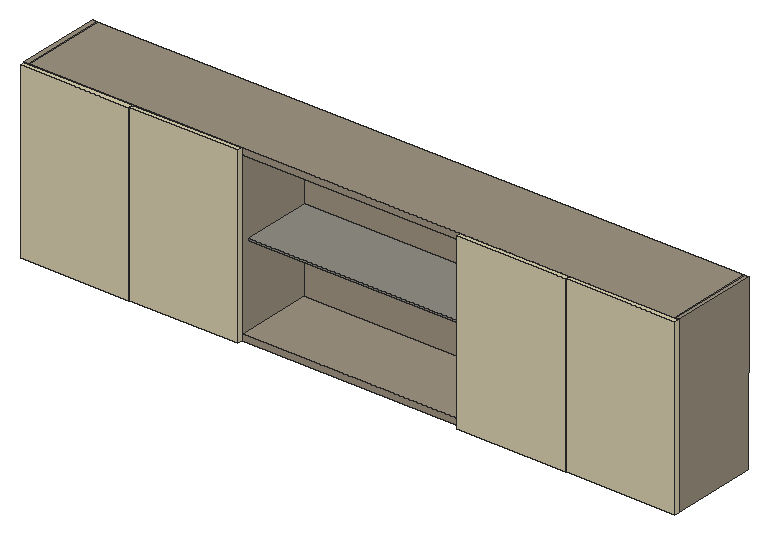
Revit family "Storage-Teknion-COHC_Overhead_Hinged_Doors_with_Cubby-R2021", category Furniture, Revit 2021
Family settings
  OmniClass Number = 23.40.20.00
  OmniClass Title = General Furniture and Specialties
  Work Plane-Based = No
  Always vertical = Yes
  Cut with Voids When Loaded = No
  Shared = Yes
  Room Calculation Point = No
Parameters (values of type "2H with Knife Visible Shelf Edge")
  Width [instance] = 108.000"
  Warranty = "http://www.teknion.com/ca/papers/legal-canada"
  Unit Weight URL = "http://www.teknion.com/ca/tools/assets#&asset=bee6a381-b954-425e-8283-5a2de3a804f2,f828d448-4b62-4231-9e5f-9a8991c0ed77"
  URL = "www.teknion.com"
  To render please download texture images found here [instance] = "https://assets.teknion.com/web/5e81352c1dfdb467/revit-material-swatches/"
  Sustainability Data = "https://www.teknion.com/ca/tools/assets#&topic=216f99a5-57a0-44fc-b10a-9dee9b29ae4c&asset=444deb64-fe58-4b68-981e-f75e97781df7,b4ff2d81-9f2e-437d-9659-7cffb09c31cf"
  Shelves Finish [instance] = Veneer - Teknion - VN - Brindle
  Series = "Chronicle"  # constant formula
  Product Page URL = ""
  Product Line = ""
  Product Documentation Link = ""
  Part Number = "COHC"  # constant formula
  Model = "COHC2H15_K"
  Manufacturer Phone = "416-661-3370"  # constant formula
  Manufacturer Fax = "416.661.4586"  # constant formula
  Manufacturer Contact Information = "http://www.teknion.com/ca/contactus"
  Manufacturer Address = "1150 Flint Road, Toronto, ON. M3J 2J5. Canada"  # constant formula
  Manufacturer = "Teknion"  # constant formula
  Knife Shelf Edge = yes
  Flat Shelf Edge = no
  Door Cut out [instance] = if(Width = 54.000", 27.079", if(Width = 60.000", 30.079", if(Width = 66.000", 33.079", if(Width = 78.000", 39.079", if(Width = 84.000", 42.079", if(Width = 90.000", 30.079", if(Width = 96.000", 32.079", if(Width = 102.000", 34.079", 36.079"))))))))  # 36.079"
  How To Use Teknion Materials User Guide [instance] = "https://assets.teknion.com/m/205dd0a49fa58060/original/How-to-add-a-Material-Library-and-Texture-Images-to-your-Revit-project.pdf"
  Height = 28.500"
  Front Finish [instance] = Veneer - Teknion - FX - Flintwood - Flax
  For Additional Finishes please visit [instance] = "https://assets.teknion.com/m/44a8009b046e5d47/original/Teknion_Materials_Library.zip"
  Door Gap 5 [instance] = if(or(Width = 90.000", Width = 96.000", Width = 102.000", Width = 108.000"), 84.000", 10.000")  # 84.000"
  Door Gap 1 [instance] = if(or(Width = 90.000", Width = 96.000", Width = 102.000", Width = 108.000"), 84.000", 10.000")  # 84.000"
  Distance = 8.000"
  Description = "Chronicle Overhead, Hinged Doors with Cubby , 2H Height, Knife Shelf Edge"
  Default Elevation = 0.000"
  Case Finish [instance] = Veneer - Teknion - Q9 - Mercurial Walnut
  Available Width [instance] = "54,60,66,72,78,84,90,96,102,108 Inch"  # constant formula
  Assembly Code = "E2020200"
  4 Doors [instance] = and(Width > 89.000", Width < 109.000")  # yes
  2H = yes
  2 Doors [instance] = Width < 85.000"  # no
Types (4): name | Shelves Finish | Model | Knife Shelf Edge | Flat Shelf Edge | Height | Front Finish | Distance | Description | Case Finish | 2H
  (no name) | Veneer - Teknion - VN - Brindle | "COHC2H15_K" | yes | no | 28.500" | Veneer - Teknion - FX - Flintwood - Flax | 8.000" | "Chronicle Overhead, Hinged Doors with Cubby , 2H Height, Knife Shelf Edge" | Veneer - Teknion - Q9 - Mercurial Walnut | yes
  1H | Veneer - Teknion - VK - Auburn | "COHC1H15" | no | no | 14.750" | Veneer - Teknion - 5N - Flintwood - White Oak | 5.000" | "Chronicle Overhead, Hinged Doors with Cubby , 1H Height" | Veneer - Teknion - VN - Brindle | no
  2H with Flat Visible Shelf Edge | Veneer -Teknion - UX - Rustic Oak - Brindle | "COHC2H15_F" | no | yes | 28.500" | Veneer - Teknion - FX - Flintwood - Flax | 8.000" | "Chronicle Overhead, Hinged Doors with Cubby , 2H Height, Flat Shelf Edge" | Veneer - Teknion - Q9 - Mercurial Walnut | yes
  2H with Knife Visible Shelf Edge | Veneer - Teknion - VN - Brindle | "COHC2H15_K" | yes | no | 28.500" | Veneer - Teknion - FX - Flintwood - Flax | 8.000" | "Chronicle Overhead, Hinged Doors with Cubby , 2H Height, Knife Shelf Edge" | Veneer - Teknion - Q9 - Mercurial Walnut | yes
Reference planes (in)
  plane 1 "Center Front/Back": y = -1357.5
  plane 2: z = 0
  plane 3 "Center Left/Right": x = 1104
  plane 4 "Left": x = 1050
  plane 5 "Right": x = 1158
  plane 6 "Back": y = -1350
  plane 7 "Front": y = -1365
  plane 8 "Top": z = 84
  plane 9: z = 55.5
  plane 10: x = 1086
  plane 11: x = 1122
  plane 12: x = 1068
  plane 13: x = 1140
  plane 14: x = 1077
  plane 15: x = 1131
Forms (in)
  Sweep 1, solid, material "Veneer - Teknion - Q9 - Mercurial Walnut" <- "Case Finish"
    path origin (0, -1357.5, 0) x (1, 0, 0) y (0, 0, 1)
      loop
        line (1104, 84) -> (1104, 82.96063)
    profile origin (1104, -1357.5, 83.48031) x (0, -1, 0) y (1, 0, 0)
      loop
        line (-7.5, -53.27559) -> (6.65748, -53.27559) -> (6.65748, 53.27559) -> (-7.5, 53.27559) -> (-7.5, -53.27559)
  Sweep 2, solid, material "Veneer - Teknion - Q9 - Mercurial Walnut" <- "Case Finish"
    path origin (0, -1357.5, -27.46063) x (1, 0, 0) y (0, 0, 1)
      loop
        line (1104, 84) -> (1104, 82.96063)
    profile origin (1104, -1357.5, 56.01969) x (0, -1, 0) y (1, 0, 0)
      loop
        line (-7.5, -53.27559) -> (6.65748, -53.27559) -> (6.65748, 53.27559) -> (-7.5, 53.27559) -> (-7.5, -53.27559)
  Sweep 3, solid, material "Veneer - Teknion - Q9 - Mercurial Walnut" <- "Case Finish"
    path origin (1104, 0, 0) x (0, 1, 0) y (0, 0, 1)
      loop
        line (-1357.5, 84) -> (-1357.5, 55.5)
    profile origin (1104, -1357.5, 69.75) x (1, 0, 0) y (0, 1, 0)
      loop
        line (-54, 7.5) -> (-54, -6.65748) -> (-53.27559, -6.65748) -> (-53.27559, 7.5) -> (-54, 7.5)
      loop
        line (54, 7.5) -> (53.27559, 7.5) -> (53.27559, -6.65748) -> (54, -6.65748) -> (54, 7.5)
  Sweep 4, solid, material "Veneer - Teknion - Q9 - Mercurial Walnut" <- "Case Finish"
    path origin (0, -1357.5, 0) x (1, 0, 0) y (0, 0, 1)
      loop
        line (1104, 82.96063) -> (1104, 56.53937)
    profile origin (1104, -1357.5, 69.75) x (0, -1, 0) y (1, 0, 0)
      loop
        line (-6.75, -53.27559) -> (-6.02559, -53.27559) -> (-6.02559, 53.27559) -> (-6.75, 53.27559) -> (-6.75, -53.27559)
  Sweep 5, solid, material "Veneer - Teknion - Q9 - Mercurial Walnut" <- "Case Finish"
    path origin (0, 0, 0) x (1, 0, 0) y (0, 1, 0)
      loop
        line (1051.72441, -1350) -> (1156.27559, -1350)
    profile origin (1104, -1350, 0) x (0, 1, 0) y (0, 0, 1)
      loop
        line (-0.75, 82.96063) -> (-0.75, 74.96063) -> (0, 74.96063) -> (0, 82.96063) -> (-0.75, 82.96063)
      loop
        line (-0.75, 64.53937) -> (-0.75, 56.53937) -> (0, 56.53937) -> (0, 64.53937) -> (-0.75, 64.53937)
  Sweep 6, solid, material "Veneer - Teknion - Q9 - Mercurial Walnut" <- "Case Finish", visible <- "4 Doors"
    path origin (0, 0, 0) x (1, 0, 0) y (0, 1, 0)
      loop
        line (1086, -1351.47441) -> (1086, -1364.15748)
    profile origin (1086, -1357.81594, 0) x (1, 0, 0) y (0, 0, 1)
      loop
        line (-0.72441, 82.96063) -> (-0.72441, 56.53937) -> (0, 56.53937) -> (0, 82.96063) -> (-0.72441, 82.96063)
  Sweep 7, solid, material "Veneer - Teknion - Q9 - Mercurial Walnut" <- "Case Finish", visible <- "4 Doors"
    path origin (36, 0, 0) x (1, 0, 0) y (0, 1, 0)
      loop
        line (1086, -1351.47441) -> (1086, -1364.15748)
    profile origin (1122, -1357.81594, 0) x (1, 0, 0) y (0, 0, 1)
      loop
        line (0, 82.96063) -> (0, 56.53937) -> (0.72441, 56.53937) -> (0.72441, 82.96063) -> (0, 82.96063)
  Sweep 8, solid, material "Veneer - Teknion - Q9 - Mercurial Walnut" <- "Case Finish", visible <- "2H"
    path origin (0, -1357.5, 0) x (1, 0, 0) y (0, 0, 1)
      loop
        line (1104, 70.26969) -> (1104, 69.23031)
    profile origin (1104, -1357.5, 69.75) x (0, -1, 0) y (1, 0, 0)
      loop
        line (-6.02559, -53.27559) -> (5.65748, -53.27559) -> (5.65748, 53.27559) -> (-6.02559, 53.27559) -> (-6.02559, -53.27559)
  Sweep 9, void
    path origin (0, -1357.5, 0) x (1, 0, 0) y (0, 0, 1)
      loop
        line (1068, 84) -> (1068, 0)
    profile origin (1068, -1357.5, 42) x (0, -1, 0) y (1, 0, 0)
      loop
        line (6.77559, -0.03937) -> (7.5, -0.03937) -> (7.5, 0.03937) -> (6.77559, 0.03937) -> (6.77559, -0.03937)
  Sweep 10, void
    path origin (72, -1357.5, 0) x (1, 0, 0) y (0, 0, 1)
      loop
        line (1068, 84) -> (1068, 0)
    profile origin (1140, -1357.5, 42) x (0, -1, 0) y (1, 0, 0)
      loop
        line (6.77559, -0.03937) -> (7.5, -0.03937) -> (7.5, 0.03937) -> (6.77559, 0.03937) -> (6.77559, -0.03937)
  Sweep 11, solid, material "Veneer - Teknion - Q9 - Mercurial Walnut" <- "Case Finish", visible <- "2 Doors"
    path origin (-9, 0, 0) x (1, 0, 0) y (0, 1, 0)
      loop
        line (1086, -1351.47441) -> (1086, -1364.15748)
    profile origin (1077, -1357.81594, 0) x (1, 0, 0) y (0, 0, 1)
      loop
        line (-0.72441, 82.96063) -> (-0.72441, 56.53937) -> (0, 56.53937) -> (0, 82.96063) -> (-0.72441, 82.96063)
  Sweep 12, solid, material "Veneer - Teknion - Q9 - Mercurial Walnut" <- "Case Finish", visible <- "2 Doors"
    path origin (45, 0, 0) x (1, 0, 0) y (0, 1, 0)
      loop
        line (1086, -1351.47441) -> (1086, -1364.15748)
    profile origin (1131, -1357.81594, 0) x (1, 0, 0) y (0, 0, 1)
      loop
        line (0, 82.96063) -> (0, 56.53937) -> (0.72441, 56.53937) -> (0.72441, 82.96063) -> (0, 82.96063)
  Sweep 13, solid, material "Veneer - Teknion - FX - Flintwood - Flax" <- "Front Finish", visible <- "2 Doors"
    path origin (0, -1357.5, 0) x (1, 0, 0) y (0, 0, 1)
      loop
        line (1104, 84) -> (1104, 55.5)
    profile origin (1104, -1357.5, 69.75) x (0, -1, 0) y (1, 0, 0)
      loop
        line (6.77559, -53.96063) -> (7.5, -53.96063) -> (7.5, -27.03937) -> (6.77559, -27.03937) -> (6.77559, -53.96063)
      loop
        line (6.77559, 27.03937) -> (7.5, 27.03937) -> (7.5, 53.96063) -> (6.77559, 53.96063) -> (6.77559, 27.03937)
  Sweep 14, solid, material "Veneer - Teknion - FX - Flintwood - Flax" <- "Front Finish", visible <- "4 Doors"
    path origin (0, -1357.5, 0) x (1, 0, 0) y (0, 0, 1)
      loop
        line (1104, 84) -> (1104, 55.5)
    profile origin (1104, -1357.5, 69.75) x (0, -1, 0) y (1, 0, 0)
      loop
        line (7.5, -53.96063) -> (7.5, -0.37957) -> (7.5, 53.96063) -> (6.77559, 53.96063) -> (6.77559, -0.11266) -> (6.77559, -53.96063) -> (7.5, -53.96063)
  Sweep 15, void
    path origin (0, 0, 0) x (1, 0, 0) y (0, 1, 0)
      loop
        line (1085.9605, -1365) -> (1122.0395, -1365)
    profile origin (1104, -1365, 0) x (0, 1, 0) y (0, 0, 1)
      loop
        line (0, 84) -> (0, 55.5) -> (15, 55.5) -> (15, 84) -> (0, 84)
  Sweep 16, solid, material "Veneer - Teknion - VN - Brindle" <- "Shelves Finish", visible <- "Knife Shelf Edge"
    path origin (0, -1357.5, 0) x (1, 0, 0) y (0, 0, 1)
      loop
        line (1085.9605, 69.92186) -> (1122.0395, 69.92186)
    profile origin (1104, -1357.5, 69.92186) x (0, 0, 1) y (0, -1, 0)
      loop
        line (0, 5.65748) -> (-0.69154, 3.75748) -> (-0.69154, -6.02559) -> (0.34783, -6.02559) -> (0.34783, 5.65748) -> (0, 5.65748)
  Sweep 17, solid, material "Veneer - Teknion - VN - Brindle" <- "Shelves Finish", visible <- "Flat Shelf Edge"
    path origin (0, -1357.5, 0) x (1, 0, 0) y (0, 0, 1)
      loop
        line (1122.0395, 70.26969) -> (1085.9605, 70.26969)
    profile origin (1104, -1357.5, 70.26969) x (0, 0, -1) y (0, -1, 0)
      loop
        line (1.03937, 5.65748) -> (0, 5.65748) -> (0, -6.02559) -> (1.03937, -6.02559) -> (1.03937, 5.65748)
Cuts and joins
  Sweep 9, Sweep 10, Sweep 15 cuts Sweep 14
  Sweep 15 cuts Sweep 8
Lines and regions (in)
  Masking region 1
    outline origin (0, 0, 0) x (1, 0, 0) y (0, 1, 0)
      loop
        line (1050, -1350) -> (1050, -1364.15748) -> (1158, -1364.15748) -> (1158, -1350) -> (1050, -1350)
  Masking region 2, visible <- "2 Doors"
    outline origin (0, 0, 0) x (1, 0, 0) y (0, 1, 0)
      loop
        line (1076.96063, -1364.27559) -> (1050.03937, -1364.27559) -> (1050.03937, -1365) -> (1076.96063, -1365) -> (1076.96063, -1364.27559)
      loop
        line (1157.96063, -1364.27559) -> (1131.03937, -1364.27559) -> (1131.03937, -1365) -> (1157.96063, -1365) -> (1157.96063, -1364.27559)
  Masking region 3, visible <- "4 Doors"
    outline origin (0, 0, 0) x (1, 0, 0) y (0, 1, 0)
      loop
        line (1157.96063, -1364.27559) -> (1140.03937, -1364.27559) -> (1140.03937, -1365) -> (1157.96063, -1365) -> (1157.96063, -1364.27559)
      loop
        line (1050.03937, -1365) -> (1067.96063, -1365) -> (1067.96063, -1364.27559) -> (1050.03937, -1364.27559) -> (1050.03937, -1365)
      loop
        line (1068.03937, -1365) -> (1085.9605, -1365) -> (1085.9605, -1364.27559) -> (1068.03937, -1364.27559) -> (1068.03937, -1365)
      loop
        line (1122.0395, -1365) -> (1139.96063, -1365) -> (1139.96063, -1364.27559) -> (1122.0395, -1364.27559) -> (1122.0395, -1365)
  symbolic lines
    curve 1: line (1050.72441, -1364.15748, 0) -> (1050.72441, -1350, 0)
    curve 2: line (1157.27559, -1350, 0) -> (1157.27559, -1364.15748, 0)
  symbolic lines, style "FurnitureHiddenLines", detail levels medium+fine
    curve 3: line (1051.72441, -1350.75, 0) -> (1051.72441, -1350, 0)
    curve 4: line (1157.27559, -1350.75, 0) -> (1050.72441, -1350.75, 0)
    curve 5: line (1050.72441, -1351.47441, 0) -> (1157.27559, -1351.47441, 0)
    curve 6: line (1156.27559, -1350.75, 0) -> (1156.27559, -1350, 0)
  symbolic lines, style "FurnitureHiddenLines", visible <- "4 Doors", detail levels medium+fine
    curve 7: line (1085.27559, -1351.47441, 0) -> (1085.27559, -1364.15748, 0)
    curve 8: line (1086, -1364.15748, 0) -> (1086, -1351.47441, 0)
    curve 9: line (1122, -1351.47441, 0) -> (1122, -1364.15748, 0)
    curve 10: line (1122.72441, -1364.15748, 0) -> (1122.72441, -1351.47441, 0)
  symbolic lines, style "FurnitureHiddenLines", visible <- "2H", detail levels medium+fine
    curve 11: line (1050.72441, -1363.15748, 0) -> (1157.27559, -1363.15748, 0)
  reference lines
    curve 12: line (1050, -1350, 0) -> (1050, -1365, 0)
    curve 13: line (1050, -1365, 0) -> (1158, -1365, 0)
    curve 14: line (1050, -1350, 0) -> (1158, -1350, 0)
    curve 15: line (1158, -1350, 0) -> (1158, -1365, 0)
  symbolic lines, style "FurnitureHiddenLines", visible <- "2 Doors", detail levels medium+fine
    curve 16: line (1076.27559, -1351.47441, 0) -> (1076.27559, -1364.15748, 0)
    curve 17: line (1077, -1364.15748, 0) -> (1077, -1351.47441, 0)
    curve 18: line (1131, -1351.47441, 0) -> (1131, -1364.15748, 0)
    curve 19: line (1131.72441, -1364.15748, 0) -> (1131.72441, -1351.47441, 0)
  symbolic lines, style "FurnitureHiddenLines", visible <- "Knife Shelf Edge", detail levels fine
    curve 20: line (1085.9605, -1361.25748, 0) -> (1122.0395, -1361.25748, 0)
Dimensions and locks (in)
  "Width": plane 4 "Left" to plane 5 "Right"
  locked: plane 6 "Back" to plane 7 "Front" at 15
  plane 8 "Top" to level = 84.000"
  equal spacing: plane 6 "Back", plane 1 "Center Front/Back", plane 7 "Front"
  "Height": plane 8 "Top" to plane 9
  locked: Sweep 1 sketch curve to Sweep 1 sketch curve at 1.03937
  locked: plane 4 "Left" to Sweep 1 sketch curve at 0.72441
  locked: Sweep 1 sketch curve to plane 5 "Right" at 0.72441
  locked: Sweep 1 sketch curve to Sweep 1 sketch curve at 14.15748
  locked: Sweep 2 sketch curve to Sweep 2 sketch curve at 1.03937
  locked: Sweep 2 sketch curve to Sweep 2 sketch curve at 14.15748
  locked: Sweep 1 to plane 5 "Right" at 0.72441
  locked: plane 4 "Left" to Sweep 1 at 0.72441
  locked: Sweep 4 sketch curve to Sweep 4 sketch curve at 0.72441
  locked: plane 6 "Back" to Sweep 4 sketch curve at 0.75
  locked: plane 4 "Left" to Sweep 5 sketch curve at 1.72441
  locked: Sweep 5 sketch curve to plane 5 "Right" at 1.72441
  locked: Sweep 8 sketch curve to Sweep 4 at 11.68307
  equal spacing: plane 4 "Left", plane 12, plane 10, plane 3 "Center Left/Right", plane 11, plane 13, plane 5 "Right"
  Sweep 9 sketch curve to plane 12 to Sweep 9 sketch curve = 0.03937" locked, 0.03937" locked
  "Door Gap 1": Sweep 9 sketch curve to Sweep 9 sketch curve
  "Door Gap 5": Sweep 10 sketch curve to Sweep 10 sketch curve
  Sweep 10 sketch curve to plane 13 to Sweep 10 sketch curve = 0.03937" locked, 0.03937" locked
  locked: plane 9 to plane 2 at 55.5
  plane 8 "Top" to Sweep 8 sketch curve to Sweep 8 sketch curve = 13.73031" locked, 1.03937" locked
  "Distance": Sweep 5 sketch curve to Sweep 5 sketch curve  (x2)
  equal spacing: plane 12, plane 14, plane 10
  equal spacing: plane 11, plane 15, plane 13
  locked: Sweep 6 sketch curve to Sweep 6 sketch curve at 0.72441
  locked: Sweep 7 sketch curve to Sweep 7 sketch curve at 0.72441
  locked: Sweep 11 sketch curve to Sweep 11 sketch curve at 0.72441
  locked: Sweep 12 sketch curve to Sweep 12 sketch curve at 0.72441
  locked: Sweep 13 sketch curve to Sweep 13 sketch curve at 0.72441  (x2)
  locked: plane 4 "Left" to Sweep 13 sketch curve at 0.03937
  locked: Sweep 13 sketch curve to plane 14 at 0.03937
  locked: Sweep 13 sketch curve to plane 5 "Right" at 0.03937
  locked: plane 15 to Sweep 13 sketch curve at 0.03937
  locked: Sweep 14 sketch curve to Sweep 14 sketch curve at 0.72441  (x2)
  locked: Sweep 14 sketch curve to plane 5 "Right" at 0.03937
  locked: plane 4 "Left" to Sweep 14 sketch curve at 0.03937
  equal spacing: Sweep 15 sketch curve, plane 3 "Center Left/Right", Sweep 15 sketch curve
  "Door Cut out": Sweep 15 sketch curve to Sweep 15 sketch curve
  locked: plane 8 "Top" to Sweep 16 sketch curve at 14.07814
  aligned and locked: level to plane 2
  aligned and locked: plane 8 "Top" to Sweep 1 sketch curve
  aligned and locked: Sweep 1 sketch curve to plane 3 "Center Left/Right"
  aligned and locked: Sweep 1 sketch curve to plane 6 "Back"
  aligned and locked: plane 9 to Sweep 2 sketch curve
  aligned and locked: Sweep 2 sketch curve to plane 3 "Center Left/Right"
  aligned and locked: Sweep 2 sketch curve to plane 6 "Back"
  aligned and locked: plane 1 "Center Front/Back" to Sweep 3 sketch curve
  aligned and locked: plane 8 "Top" to Sweep 3 sketch curve
  aligned and locked: plane 9 to Sweep 3 sketch curve
  aligned and locked: plane 4 "Left" to Sweep 3 sketch curve
  aligned and locked: Sweep 3 sketch curve to plane 6 "Back"
  aligned and locked: plane 6 "Back" to Sweep 3 sketch curve
  aligned and locked: Sweep 3 sketch curve to Sweep 1  (x3)
  aligned and locked: Sweep 1 to Sweep 3 sketch curve
  aligned and locked: Sweep 2 sketch curve to Sweep 3  (x2)
  aligned and locked: Sweep 4 sketch curve to plane 3 "Center Left/Right"
  aligned and locked: Sweep 2 to Sweep 4 sketch curve
  aligned and locked: Sweep 1 to Sweep 4 sketch curve  (x2)
  aligned and locked: Sweep 3 to Sweep 4 sketch curve
  aligned and locked: Sweep 5 sketch curve to plane 6 "Back"  (x3)
  aligned and locked: Sweep 1 to Sweep 5 sketch curve
  aligned and locked: Sweep 4 to Sweep 5 sketch curve
  aligned and locked: Sweep 5 sketch curve to Sweep 4
  aligned and locked: Sweep 5 sketch curve to Sweep 2
  aligned and locked: Sweep 6 sketch curve to plane 10  (x2)
  aligned and locked: Sweep 4 to Sweep 6 sketch curve
  aligned and locked: Sweep 1 to Sweep 6 sketch curve  (x2)
  aligned and locked: Sweep 6 sketch curve to Sweep 2
  aligned and locked: Sweep 4 to Sweep 7 sketch curve
  aligned and locked: Sweep 1 to Sweep 7 sketch curve  (x2)
  aligned and locked: plane 11 to Sweep 7 sketch curve
  aligned and locked: Sweep 7 sketch curve to Sweep 2
  aligned and locked: Sweep 8 sketch curve to plane 3 "Center Left/Right"
  aligned and locked: Sweep 3 to Sweep 8 sketch curve  (x2)
  aligned and locked: Sweep 8 sketch curve to Sweep 4
  aligned and locked: plane 12 to Sweep 9 sketch curve
  aligned and locked: plane 2 to Sweep 9 sketch curve
  aligned and locked: plane 7 "Front" to Sweep 9 sketch curve
  aligned and locked: plane 2 to Sweep 10 sketch curve
  aligned and locked: Sweep 10 sketch curve to plane 13
  aligned and locked: Sweep 10 sketch curve to plane 7 "Front"
  aligned and locked: Masking region 1 sketch curve to Sweep 3  (x2)
  aligned and locked: Masking region 1 sketch curve to Sweep 1  (x2)
  aligned and locked: curve 1 to Sweep 3
  aligned and locked: curve 2 to Sweep 3
  aligned and locked: curve 3 to Sweep 5
  aligned and locked: curve 4 to Sweep 4
  aligned and locked: curve 5 to Sweep 4
  aligned and locked: curve 6 to Sweep 5
  aligned and locked: curve 7 to Sweep 6
  aligned and locked: curve 9 to Sweep 7
  aligned and locked: curve 10 to Sweep 7
  aligned and locked: curve 11 to Sweep 8
  aligned and locked: curve 12 to plane 4 "Left"
  aligned and locked: plane 7 "Front" to curve 13
  aligned and locked: curve 14 to plane 6 "Back"
  aligned and locked: curve 15 to plane 5 "Right"
  aligned and locked: Sweep 7 sketch curve to plane 11
  aligned and locked: Sweep 11 sketch curve to plane 14  (x2)
  aligned and locked: Sweep 11 sketch curve to Sweep 2
  aligned and locked: Sweep 1 to Sweep 11 sketch curve  (x2)
  aligned and locked: Sweep 4 to Sweep 11 sketch curve
  aligned and locked: plane 15 to Sweep 12 sketch curve
  aligned and locked: Sweep 4 to Sweep 12 sketch curve
  aligned and locked: Sweep 1 to Sweep 12 sketch curve  (x2)
  aligned and locked: Sweep 12 sketch curve to plane 15
  aligned and locked: Sweep 12 sketch curve to Sweep 2
  aligned and locked: Sweep 13 sketch curve to plane 3 "Center Left/Right"
  aligned and locked: plane 9 to Sweep 13 sketch curve
  aligned and locked: plane 8 "Top" to Sweep 13 sketch curve
  aligned and locked: Sweep 13 sketch curve to plane 7 "Front"  (x2)
  aligned and locked: Sweep 14 sketch curve to plane 3 "Center Left/Right"
  aligned and locked: plane 9 to Sweep 14 sketch curve
  aligned and locked: plane 8 "Top" to Sweep 14 sketch curve
  aligned and locked: plane 7 "Front" to Sweep 14 sketch curve
  aligned and locked: curve 16 to Sweep 11
  aligned and locked: curve 17 to Sweep 11
  aligned and locked: curve 18 to Sweep 12
  aligned and locked: curve 19 to Sweep 12
  aligned and locked: plane 3 "Center Left/Right" to nested 3
  aligned and locked: plane 1 "Center Front/Back" to nested 3
  aligned and locked: nested 2 to plane 6 "Back"
  aligned and locked: nested 2 to plane 5 "Right"
  aligned and locked: plane 4 "Left" to nested 1
  aligned and locked: nested 1 to plane 6 "Back"
  aligned and locked: plane 7 "Front" to Sweep 15 sketch curve
  aligned and locked: Sweep 15 sketch curve to Sweep 13  (x2)
  aligned and locked: Sweep 15 sketch curve to Sweep 2
  aligned and locked: Sweep 15 sketch curve to Sweep 3
  aligned and locked: Sweep 16 sketch curve to cut or joined group of Sweep 8, Sweep 15  (x2)
  aligned and locked: cut or joined group of Sweep 8, Sweep 15 to Sweep 16 sketch curve
  aligned and locked: Sweep 16 sketch curve to Sweep 4
  aligned and locked: cut or joined group of Sweep 9, Sweep 10, Sweep 14, Sweep 15 to Sweep 16 sketch curve  (x2)
  aligned and locked: Sweep 17 sketch curve to Sweep 16  (x3)
  aligned and locked: cut or joined group of Sweep 9, Sweep 10, Sweep 14, Sweep 15 to Sweep 17 sketch curve  (x2)
  aligned and locked: Sweep 17 sketch curve to cut or joined group of Sweep 8, Sweep 15  (x2)
  aligned and locked: curve 20 to Sweep 16
  aligned and locked: Sweep 17 to Sweep 16
  aligned and locked: Sweep 17 to curve 20  (x2)
  aligned and locked: Masking region 2 sketch curve to Sweep 13  (x8)
  aligned and locked: Masking region 3 sketch curve to cut or joined group of Sweep 9, Sweep 10, Sweep 14, Sweep 15  (x8)
  aligned and locked: Masking region 3 sketch curve to Sweep 13  (x2)
Automatic sketch dimensions
  curve 2 to plane 6 "Back" = 0.000"
  curve 1 to plane 6 "Back" = 0.000"
  curve 6 to plane 6 "Back" = 0.000"
  curve 3 to plane 6 "Back" = 0.000"
  curve 1 to plane 7 "Front" = 0.84252"
  curve 8 to plane 7 "Front" = 0.84252"
  curve 9 to plane 7 "Front" = 0.84252"
  curve 2 to plane 7 "Front" = 0.84252"
  curve 9 to curve 10 = 0.000"
  curve 7 to curve 8 = 0.000"
  Sweep 3 sketch curve to Sweep 3 sketch curve = 0.72441"
  Sweep 9 sketch curve to Sweep 9 sketch curve = 0.72441"
  Sweep 10 sketch curve to Sweep 10 sketch curve = 0.72441"
  curve 16 to plane 7 "Front" = 0.84252"
  curve 16 to curve 17 = 0.000"
  curve 18 to plane 7 "Front" = 0.84252"
  curve 18 to curve 19 = 0.000"
  profile plane to Sweep 14 sketch curve = 0.11266"
  Sweep 14 sketch curve to Sweep 14 sketch curve = 0.26691"
  profile plane to Sweep 16 sketch curve = 0.000"
  Sweep 16 sketch curve to Sweep 16 sketch curve = 1.900"
  curve 8 to plane 10 = 0.000"
  Masking region 3 sketch curve to Masking region 3 sketch curve = 0.000"  (x2)
  plane 7 "Front" to Masking region 3 sketch curve = 0.000"  (x3)
  Masking region 3 sketch curve to plane 7 "Front" = 0.72441"
Nested families (in)
  nested 1: "Teknion_2D_Node_Family-R2016" at (1050, -1350, 0), type "Teknion_2D_Node_Family-R2016"
  nested 2: "Teknion_2D_Node_Family-R2016" at (1158, -1350, 0), type "Teknion_2D_Node_Family-R2016"
  nested 3: "Teknion_2D_Node_Family-R2016" at (1104, -1357.5, 0), type "Teknion_2D_Node_Family-R2016"
Definition of nested family "Teknion_2D_Node_Family-R2016"
  Reference planes (in)
    plane 1 "Center (Front/Back)": y = 0
    plane 2: z = 0
    plane 3 "Center (Left/Right)": x = 0
  Lines and regions (in)
    detail lines, in view "Ref. Level"
      curve 1: circle (0, 0, 0) r 1.25 normal (0, 0, 1)
      curve 2: line (1.91508, -1.91508, 0) -> (-1.91508, 1.91508, 0)
      curve 3: line (-1.91508, -1.91508, 0) -> (1.91508, 1.91508, 0)
